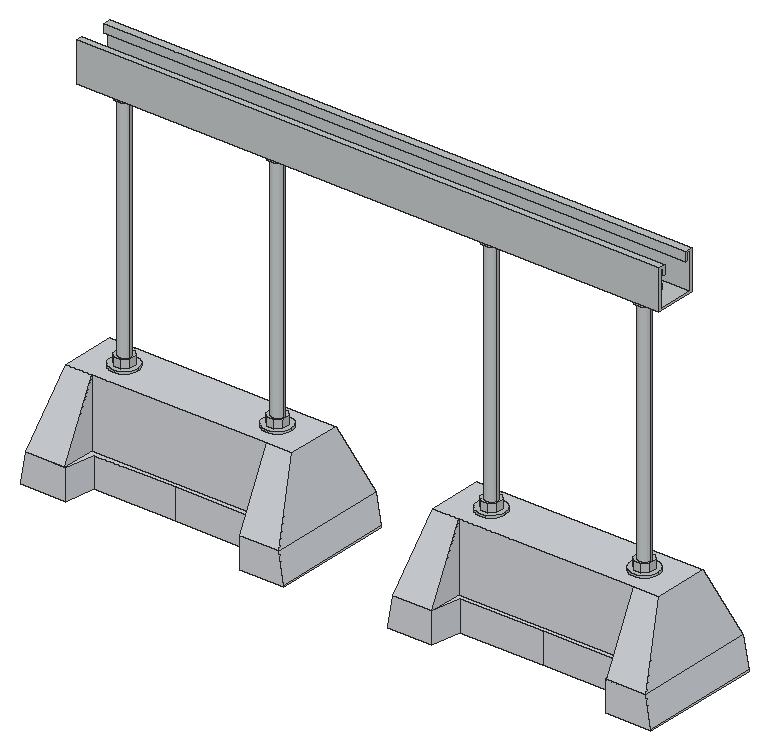
Revit family "pipe-support-770716", category Generic Models, Revit 2018
Family settings
  Can host rebar = No
  Round Connector Dimension = Use Diameter
  Part Type = Normal
  Work Plane-Based = No
  Always vertical = Yes
  Cut with Voids When Loaded = No
  Shared = No
  Room Calculation Point = No
Parameters (values of type "FNW770716 Pipe Support")
  Weight [instance] = ""
  URL = "http://www.fnw.com"
  URL_2 = ""
  TH1 = 0.078"  # constant formula
  Product ID [instance] = ""
  Part Number [instance] = "FNW770716"
  L2 = 24.000"
  L1 = 26.000"  # constant formula
  Description BOM [instance] = "Single Pipe Support"
Reference planes (in)
  plane 1 "Center (Front/Back)": y = 0
  plane 2: z = 0
  plane 3 "Center (Left/Right)": x = 0
  plane 4: z = 4.875
  plane 5: z = 4.062
  plane 6: z = 1.25
  plane 7: x = -13
  plane 8: x = 13
  plane 9: z = 4.147
  plane 10: z = 4.481
  plane 11: x = -4.40625
  plane 12: x = -10.71875
  plane 13: z = 16
  plane 14: z = 13.95568
  plane 15: z = 14.28992
  plane 16: z = 14.41356
  plane 17: z = 14.87145
  plane 18: z = 14.5372
  plane 19: x = 4.40625
  plane 20: x = 10.71875
  plane 21: x = -12
  plane 22: x = 12
  plane 23: z = 14.375
Forms (in)
  Extrusion 1, solid, material "Steel, Galvanized"
    sketch origin (-7.5625, 0, 0) x (1, 0, 0) y (0, 1, 0)
      loop
        circle (-3.15625, 0) r 0.25
      loop
        circle (3.15625, 0) r 0.25
    from 1.25 to 15.11339
  Extrusion 2, solid, material "Steel, Galvanized"
    sketch origin (-7.5625, 0, 13.53635) x (0, -1, 0) y (1, 0, 0)
      loop
        line (-0.35455, -3.00939) -> (-0.35455, -3.30311) -> (-0.14686, -3.5108) -> (0.14686, -3.5108) -> (0.35455, -3.30311) -> (0.35455, -3.00939) -> (0.14686, -2.8017) -> (-0.14686, -2.8017) -> (-0.35455, -3.00939)
      loop
        line (-0.35455, 3.00939) -> (-0.14686, 2.8017) -> (0.14686, 2.8017) -> (0.35455, 3.00939) -> (0.35455, 3.30311) -> (0.14686, 3.5108) -> (-0.14686, 3.5108) -> (-0.35455, 3.30311) -> (-0.35455, 3.00939)
    from -9.38935 to -9.05535
  Extrusion 3, solid, material "Steel, Galvanized"
    sketch origin (-7.5625, 0, 0) x (1, 0, 0) y (0, 1, 0)
      loop
        circle (-3.15625, 0) r 0.57213
      loop
        circle (3.15625, 0) r 0.57213
    from 4.062 to 4.147
  Extrusion 4, solid, material "Steel, Galvanized"
    sketch origin (-7.5625, 0, 11.125) x (0, 1, 0) y (0, 0, 1)
      loop
        line (0.84, 4.875) -> (0.52968, 4.875) -> (0.52968, 4.52266) -> (0.60768, 4.52266) -> (0.60768, 4.797) -> (0.762, 4.797) -> (0.762, 3.328) -> (-0.762, 3.328) -> (-0.762, 4.797) -> (-0.6394, 4.797) -> (-0.6394, 4.52266) -> (-0.5614, 4.52266) -> (-0.5614, 4.875) -> (-0.84, 4.875) -> (-0.84, 3.25) -> (0.84, 3.25) -> (0.84, 4.875)
    from -4.4375 to 19.5625
  Extrusion 5, solid, material "Steel, Galvanized"
    sketch origin (-7.5625, 0, 7.1875) x (1, 0, 0) y (0, 1, 0)
      loop
        line (-3.00939, 0.35455) -> (-3.30311, 0.35455) -> (-3.5108, 0.14686) -> (-3.5108, -0.14686) -> (-3.30311, -0.35455) -> (-3.00939, -0.35455) -> (-2.8017, -0.14686) -> (-2.8017, 0.14686) -> (-3.00939, 0.35455)
      loop
        line (3.00939, 0.35455) -> (2.8017, 0.14686) -> (2.8017, -0.14686) -> (3.00939, -0.35455) -> (3.30311, -0.35455) -> (3.5108, -0.14686) -> (3.5108, 0.14686) -> (3.30311, 0.35455) -> (3.00939, 0.35455)
    from 7.3497 to 7.683
  Extrusion 6, solid, material "Steel, Galvanized"
    sketch origin (-7.5625, 0, 7.1875) x (1, 0, 0) y (0, 1, 0)
      loop
        line (-3.00939, 0.35455) -> (-3.30311, 0.35455) -> (-3.5108, 0.14686) -> (-3.5108, -0.14686) -> (-3.30311, -0.35455) -> (-3.00939, -0.35455) -> (-2.8017, -0.14686) -> (-2.8017, 0.14686) -> (-3.00939, 0.35455)
      loop
        line (3.00939, 0.35455) -> (2.8017, 0.14686) -> (2.8017, -0.14686) -> (3.00939, -0.35455) -> (3.30311, -0.35455) -> (3.5108, -0.14686) -> (3.5108, 0.14686) -> (3.30311, 0.35455) -> (3.00939, 0.35455)
    from 6.76818 to 7.10242
  Extrusion 7, solid, material "Steel, Galvanized"
    sketch origin (-7.5625, 0, 7.1875) x (1, 0, 0) y (0, 1, 0)
      loop
        circle (-3.15625, 0) r 0.57213
      loop
        circle (3.15625, 0) r 0.57213
    from 7.10242 to 7.187
  Extrusion 8, solid, material "Steel, Galvanized"
    sketch origin (-7.5625, 0, 7.1875) x (1, 0, 0) y (0, 1, 0)
      loop
        circle (-3.15625, 0) r 0.57213
      loop
        circle (3.15625, 0) r 0.57213
    from 7.265 to 7.3497
  Extrusion 9, solid, material "Steel, Galvanized"
    sketch origin (7.5625, 0, 0) x (-1, 0, 0) y (0, -1, 0)
      loop
        circle (-3.15625, 0) r 0.25
      loop
        circle (3.15625, 0) r 0.25
    from 1.25 to 15.11339
  Extrusion 10, solid, material "Steel, Galvanized"
    sketch origin (7.5625, 0, 13.53635) x (0, 1, 0) y (-1, 0, 0)
      loop
        line (0.35455, -3.00939) -> (0.14686, -2.8017) -> (-0.14686, -2.8017) -> (-0.35455, -3.00939) -> (-0.35455, -3.30311) -> (-0.14686, -3.5108) -> (0.14686, -3.5108) -> (0.35455, -3.30311) -> (0.35455, -3.00939)
      loop
        line (0.35455, 3.00939) -> (0.35455, 3.30311) -> (0.14686, 3.5108) -> (-0.14686, 3.5108) -> (-0.35455, 3.30311) -> (-0.35455, 3.00939) -> (-0.14686, 2.8017) -> (0.14686, 2.8017) -> (0.35455, 3.00939)
    from -9.38935 to -9.05535
  Extrusion 11, solid, material "Steel, Galvanized"
    sketch origin (7.5625, 0, 0) x (-1, 0, 0) y (0, -1, 0)
      loop
        circle (-3.15625, 0) r 0.57213
      loop
        circle (3.15625, 0) r 0.57213
    from 4.062 to 4.147
  Extrusion 12, solid, material "Steel, Galvanized"
    sketch origin (7.5625, 0, 7.1875) x (-1, 0, 0) y (0, -1, 0)
      loop
        line (-3.00939, -0.35455) -> (-2.8017, -0.14686) -> (-2.8017, 0.14686) -> (-3.00939, 0.35455) -> (-3.30311, 0.35455) -> (-3.5108, 0.14686) -> (-3.5108, -0.14686) -> (-3.30311, -0.35455) -> (-3.00939, -0.35455)
      loop
        line (3.00939, -0.35455) -> (3.30311, -0.35455) -> (3.5108, -0.14686) -> (3.5108, 0.14686) -> (3.30311, 0.35455) -> (3.00939, 0.35455) -> (2.8017, 0.14686) -> (2.8017, -0.14686) -> (3.00939, -0.35455)
    from 7.3497 to 7.683
  Extrusion 13, solid, material "Steel, Galvanized"
    sketch origin (7.5625, 0, 7.1875) x (-1, 0, 0) y (0, -1, 0)
      loop
        line (-3.00939, -0.35455) -> (-2.8017, -0.14686) -> (-2.8017, 0.14686) -> (-3.00939, 0.35455) -> (-3.30311, 0.35455) -> (-3.5108, 0.14686) -> (-3.5108, -0.14686) -> (-3.30311, -0.35455) -> (-3.00939, -0.35455)
      loop
        line (3.00939, -0.35455) -> (3.30311, -0.35455) -> (3.5108, -0.14686) -> (3.5108, 0.14686) -> (3.30311, 0.35455) -> (3.00939, 0.35455) -> (2.8017, 0.14686) -> (2.8017, -0.14686) -> (3.00939, -0.35455)
    from 6.76818 to 7.10242
  Extrusion 14, solid, material "Steel, Galvanized"
    sketch origin (7.5625, 0, 7.1875) x (-1, 0, 0) y (0, -1, 0)
      loop
        circle (-3.15625, 0) r 0.57213
      loop
        circle (3.15625, 0) r 0.57213
    from 7.10242 to 7.187
  Extrusion 15, solid, material "Steel, Galvanized"
    sketch origin (7.5625, 0, 7.1875) x (-1, 0, 0) y (0, -1, 0)
      loop
        circle (-3.15625, 0) r 0.57213
      loop
        circle (3.15625, 0) r 0.57213
    from 7.265 to 7.3497
Dimensions and locks (in)
  plane 4 to plane 2 = 4.875"
  plane 4 to plane 5 = 0.813"
  equal spacing: plane 7, plane 3 "Center (Left/Right)", plane 8
  "L1": plane 7 to plane 8
  plane 2 to plane 13 = 16.000"
  "TH1": Extrusion 4 sketch curve to Extrusion 4 sketch curve  (x2)
  "L2": plane 21 to plane 22
  equal spacing: plane 21, plane 3 "Center (Left/Right)", plane 22
  Extrusion 4 sketch curve to plane 13 = 1.625"
  "TH1": Extrusion 4 sketch curve to plane 23
  aligned and locked: plane 2 to level
  aligned and locked: Extrusion 4 to plane 21
  aligned and locked: plane 22 to Extrusion 4
Automatic sketch dimensions
  plane 1 "Center (Front/Back)" to Extrusion 1 sketch curve = 0.000"  (x2)
  Extrusion 1 sketch curve to plane 12 = 0.000"
  Extrusion 1 sketch curve to plane 11 = 0.000"
  Extrusion 2 sketch curve to plane 12 = 0.14686"  (x2)
  Extrusion 2 sketch curve to plane 1 "Center (Front/Back)" = 0.35455"  (x2)
  plane 11 to Extrusion 2 sketch curve = 0.14686"  (x2)
  Extrusion 2 sketch curve to plane 1 "Center (Front/Back)" = 0.14686"  (x4)
  plane 1 "Center (Front/Back)" to Extrusion 2 sketch curve = 0.14686"  (x4)
  Extrusion 2 sketch curve to plane 11 = 0.14686"  (x2)
  Extrusion 2 sketch curve to Extrusion 2 sketch curve = 0.20769"  (x6)
  plane 12 to Extrusion 2 sketch curve = 0.14686"  (x2)
  plane 1 "Center (Front/Back)" to Extrusion 3 sketch curve = 0.000"  (x2)
  Extrusion 3 sketch curve to plane 12 = 0.000"
  Extrusion 3 sketch curve to plane 11 = 0.000"
  plane 1 "Center (Front/Back)" to Extrusion 5 sketch curve = 0.14686"  (x4)
  plane 12 to Extrusion 5 sketch curve = 0.35455"
  plane 12 to Extrusion 5 sketch curve = 0.14686"  (x2)
  Extrusion 5 sketch curve to plane 12 = 0.14686"  (x2)
  Extrusion 5 sketch curve to plane 1 "Center (Front/Back)" = 0.14686"  (x4)
  Extrusion 5 sketch curve to Extrusion 5 sketch curve = 0.20769"  (x6)
  Extrusion 5 sketch curve to plane 11 = 0.35455"
  Extrusion 5 sketch curve to plane 11 = 0.14686"  (x2)
  plane 11 to Extrusion 5 sketch curve = 0.14686"  (x2)
  plane 1 "Center (Front/Back)" to Extrusion 6 sketch curve = 0.14686"  (x4)
  plane 12 to Extrusion 6 sketch curve = 0.35455"
  plane 12 to Extrusion 6 sketch curve = 0.14686"  (x2)
  Extrusion 6 sketch curve to plane 12 = 0.14686"  (x2)
  Extrusion 6 sketch curve to plane 1 "Center (Front/Back)" = 0.14686"  (x4)
  Extrusion 6 sketch curve to Extrusion 6 sketch curve = 0.20769"  (x6)
  Extrusion 6 sketch curve to plane 11 = 0.35455"
  Extrusion 6 sketch curve to plane 11 = 0.14686"  (x2)
  plane 11 to Extrusion 6 sketch curve = 0.14686"  (x2)
  plane 1 "Center (Front/Back)" to Extrusion 7 sketch curve = 0.000"  (x2)
  Extrusion 7 sketch curve to plane 12 = 0.000"
  Extrusion 7 sketch curve to plane 11 = 0.000"
  plane 1 "Center (Front/Back)" to Extrusion 8 sketch curve = 0.000"  (x2)
  Extrusion 8 sketch curve to plane 12 = 0.000"
  Extrusion 8 sketch curve to plane 11 = 0.000"
  plane 1 "Center (Front/Back)" to Extrusion 9 sketch curve = 0.000"  (x2)
  Extrusion 9 sketch curve to plane 20 = 0.000"
  Extrusion 9 sketch curve to plane 19 = 0.000"
  plane 19 to Extrusion 10 sketch curve = 0.14686"  (x2)
  plane 1 "Center (Front/Back)" to Extrusion 10 sketch curve = 0.35455"  (x2)
  Extrusion 10 sketch curve to plane 20 = 0.14686"  (x2)
  plane 1 "Center (Front/Back)" to Extrusion 10 sketch curve = 0.14686"  (x4)
  Extrusion 10 sketch curve to plane 1 "Center (Front/Back)" = 0.14686"  (x4)
  Extrusion 10 sketch curve to Extrusion 10 sketch curve = 0.20769"  (x5)
  plane 20 to Extrusion 10 sketch curve = 0.14686"  (x2)
  Extrusion 10 sketch curve to plane 19 = 0.35455"
  Extrusion 10 sketch curve to plane 19 = 0.14686"  (x2)
  plane 1 "Center (Front/Back)" to Extrusion 11 sketch curve = 0.000"  (x2)
  Extrusion 11 sketch curve to plane 20 = 0.000"
  Extrusion 11 sketch curve to plane 19 = 0.000"
  plane 1 "Center (Front/Back)" to Extrusion 12 sketch curve = 0.14686"  (x4)
  plane 20 to Extrusion 12 sketch curve = 0.35455"
  plane 20 to Extrusion 12 sketch curve = 0.14686"  (x2)
  Extrusion 12 sketch curve to plane 20 = 0.14686"  (x2)
  Extrusion 12 sketch curve to plane 1 "Center (Front/Back)" = 0.14686"  (x4)
  Extrusion 12 sketch curve to Extrusion 12 sketch curve = 0.20769"  (x6)
  Extrusion 12 sketch curve to plane 19 = 0.35455"
  Extrusion 12 sketch curve to plane 19 = 0.14686"  (x2)
  plane 19 to Extrusion 12 sketch curve = 0.14686"  (x2)
  plane 1 "Center (Front/Back)" to Extrusion 13 sketch curve = 0.14686"  (x4)
  plane 20 to Extrusion 13 sketch curve = 0.35455"
  plane 20 to Extrusion 13 sketch curve = 0.14686"  (x2)
  Extrusion 13 sketch curve to plane 20 = 0.14686"  (x2)
  Extrusion 13 sketch curve to plane 1 "Center (Front/Back)" = 0.14686"  (x4)
  Extrusion 13 sketch curve to Extrusion 13 sketch curve = 0.20769"  (x6)
  Extrusion 13 sketch curve to plane 19 = 0.35455"
  Extrusion 13 sketch curve to plane 19 = 0.14686"  (x2)
  plane 19 to Extrusion 13 sketch curve = 0.14686"  (x2)
  plane 1 "Center (Front/Back)" to Extrusion 14 sketch curve = 0.000"  (x2)
  Extrusion 14 sketch curve to plane 20 = 0.000"
  Extrusion 14 sketch curve to plane 19 = 0.000"
  plane 1 "Center (Front/Back)" to Extrusion 15 sketch curve = 0.000"  (x2)
  Extrusion 15 sketch curve to plane 20 = 0.000"
  Extrusion 15 sketch curve to plane 19 = 0.000"
  Extrusion 4 sketch curve to plane 13 = 0.000"
  plane 13 to Extrusion 4 sketch curve = 0.000"
  plane 1 "Center (Front/Back)" to Extrusion 4 sketch curve = 0.840"
  Extrusion 4 sketch curve to Extrusion 4 sketch curve = 0.078"  (x2)
  Extrusion 4 sketch curve to Extrusion 4 sketch curve = 0.1226"
  Extrusion 4 sketch curve to plane 1 "Center (Front/Back)" = 0.52968"
  Extrusion 4 sketch curve to plane 1 "Center (Front/Back)" = 0.762"
  plane 13 to Extrusion 4 sketch curve = 0.35234"  (x2)
  plane 13 to Extrusion 4 sketch curve = 0.078"  (x2)
  radius of Extrusion 1 sketch curve = 0.250"  (x2)
  radius of Extrusion 3 sketch curve = 0.57213"  (x2)
  radius of Extrusion 7 sketch curve = 0.57213"  (x2)
  radius of Extrusion 8 sketch curve = 0.57213"  (x2)
  radius of Extrusion 9 sketch curve = 0.250"  (x2)
  radius of Extrusion 11 sketch curve = 0.57213"  (x2)
  radius of Extrusion 14 sketch curve = 0.57213"  (x2)
  radius of Extrusion 15 sketch curve = 0.57213"  (x2)
Nested families (in)
  nested 1: "Nested-pipe-support-7706 Base" at (-7.5625, 0, 0) x (-1, 0, 0) z (0, 0, 1), type "FNW7706SB Pipe Support"
    with Weight "", Product ID "", Part Number "", Description BOM ""
  nested 2: "Nested-pipe-support-7706 Base" at (7.5625, 0, 0), type "FNW7706SB Pipe Support"
    with Weight "", Product ID "", Part Number "", Description BOM ""
Definition of nested family "Nested-pipe-support-7706 Base"
  Parameters (values of type "FNW7706SB Pipe Support")
    Weight [instance] = ""
    URL = "http://www.fnw.com"
    URL_2 = ""
    TH1 = 0.078"  # constant formula
    Product ID [instance] = ""
    Part Number [instance] = "FNW7706SB"
    L9 = 5.188" + (1.012" * 2)  # 7.212"
    L8 = 2.250"  # constant formula
    L6 = 0.000"  # constant formula
    L5 = 0.317"  # constant formula
    L4 = 0.813"  # constant formula
    L3 = 4.875"  # constant formula
    L2 = 5.000"  # constant formula
    L11 = 9.3125"
    L10 = 2.886"  # constant formula
    L1 = 10.875"  # constant formula
    Description BOM [instance] = "Single Pipe Support Base Only"
  Reference planes (in)
    plane 1 "Center (Front/Back)": y = 0
    plane 2: z = 0
    plane 3 "Center (Left/Right)": x = 0
    plane 4: x = -5.4375
    plane 5: x = 5.4375
    plane 6: y = 2.5
    plane 7: y = -2.5
    plane 8: z = 4.875
    plane 9 "top": z = 4.062
    plane 10: y = 0.84
    plane 11: y = -0.84
    plane 12: y = 1.125
    plane 13: y = -1.125
    plane 14: x = -1.443
    plane 15: x = -3.606
    plane 16: x = 3.606
    plane 17: x = 1.443
    plane 18: z = 1.25
    plane 19: x = -1.5
    plane 20: x = 1.5
    plane 21: x = -3.6055
    plane 22: x = 3.6055
    plane 23: x = -4.65625
    plane 24: x = 4.65625
  Forms (in)
    Extrusion 1, solid
      sketch origin (0, 0, 0) x (0, 1, 0) y (0, 0, 1)
        loop
          line (1.125, 4.062) -> (-1.125, 4.062) -> (-2.5, 1.25) -> (2.5, 1.25) -> (1.125, 4.062)
      from 3.606 to 5.4375
    Extrusion 2, solid
      sketch origin (0, 0, 0) x (0, 1, 0) y (0, 0, -1)
        loop
          line (1.125, -4.062) -> (2.5, -1.25) -> (-2.5, -1.25) -> (-1.125, -4.062) -> (1.125, -4.062)
      from 3.606 to 5.4375
    Extrusion 3, solid
      sketch origin (0, 0, 0) x (0, 1, 0) y (0, 0, 1)
        loop
          line (1.125, 4.062) -> (-1.125, 4.062) -> (-1.125, 1.25) -> (1.125, 1.25) -> (1.125, 4.062)
      from -3.606 to 3.606
    Extrusion 4, solid
      sketch origin (0, 0, 0) x (1, 0, 0) y (0, 1, 0)
        loop
          line (-5.4375, 2.5) -> (-5.4375, -2.5) -> (-3.606, -2.5) -> (-3.39661, -1.3125) -> (0, -1.3125) -> (3.33911, -1.3125) -> (3.5485, -2.5) -> (5.4375, -2.5) -> (5.4375, 2.5) -> (3.5485, 2.5) -> (3.33911, 1.3125) -> (0, 1.3125) -> (-3.39661, 1.3125) -> (-3.606, 2.5) -> (-5.4375, 2.5)
      from 0 to 1.25
    Extrusion 5, void
      sketch origin (0, 0, 0) x (1, 0, 0) y (0, 0, 1)
        loop
          line (-5.81029, -1.875) -> (-4.65625, 4.062) -> (-9.27699, 4.062) -> (-9.27699, -1.875) -> (-5.81029, -1.875)
        loop
          line (4.65625, 4.062) -> (5.81029, -1.875) -> (9.27699, -1.875) -> (9.27699, 4.062) -> (4.65625, 4.062)
      from -2.5 to 2.5
  Cuts and joins
    Extrusion 5 cuts Extrusion 1
    Extrusion 5 cuts Extrusion 2
    joined: Extrusion 1, Extrusion 2, Extrusion 3
    Extrusion 5 cuts Extrusion 4
  Dimensions and locks (in)
    equal spacing: plane 4, plane 3 "Center (Left/Right)", plane 5
    "L1": plane 4 to plane 5
    equal spacing: plane 6, plane 1 "Center (Front/Back)", plane 7
    "L2": plane 6 to plane 7
    "L3": plane 8 to plane 2
    "L4": plane 8 to plane 9 "top"
    plane 10 to plane 11 = 1.680"
    equal spacing: plane 12, plane 1 "Center (Front/Back)", plane 13
    "L8": plane 12 to plane 13
    equal spacing: plane 15, plane 3 "Center (Left/Right)", plane 16
    "L9": plane 15 to plane 16
    equal spacing: plane 14, plane 3 "Center (Left/Right)", plane 17
    "L10": plane 14 to plane 17
    plane 19 to plane 20 = 3.000"
    equal spacing: plane 23, plane 3 "Center (Left/Right)", plane 24
    "L11": plane 23 to plane 24
    aligned and locked: plane 2 to level
  Automatic sketch dimensions
    Extrusion 2 sketch curve to plane 7 = 0.000"
    Extrusion 2 sketch curve to plane 9 "top" = 0.000"
    Extrusion 2 sketch curve to plane 13 = 0.000"
    Extrusion 2 sketch curve to plane 12 = 0.000"
    Extrusion 2 sketch curve to plane 6 = 0.000"
    level to Extrusion 2 sketch curve = 1.250"
    Extrusion 1 sketch curve to plane 7 = 0.000"
    Extrusion 1 sketch curve to plane 9 "top" = 0.000"
    Extrusion 1 sketch curve to plane 13 = 0.000"
    Extrusion 1 sketch curve to plane 12 = 0.000"
    Extrusion 1 sketch curve to plane 6 = 0.000"
    level to Extrusion 1 sketch curve = 1.250"
    Extrusion 3 sketch curve to plane 9 "top" = 0.000"
    Extrusion 3 sketch curve to plane 13 = 0.000"
    Extrusion 3 sketch curve to plane 12 = 0.000"
    level to Extrusion 3 sketch curve = 1.250"
    Extrusion 4 sketch curve to plane 4 = 0.000"
    Extrusion 4 sketch curve to plane 6 = 0.000"  (x2)
    plane 14 to Extrusion 4 sketch curve = 2.163"  (x2)
    Extrusion 4 sketch curve to plane 7 = 0.000"  (x2)
    Extrusion 4 sketch curve to plane 3 "Center (Left/Right)" = 0.000"  (x2)
    plane 13 to Extrusion 4 sketch curve = 0.1875"
    plane 17 to Extrusion 4 sketch curve = 2.1055"  (x2)
    Extrusion 4 sketch curve to plane 5 = 0.000"
    plane 14 to Extrusion 4 sketch curve = 1.95361"  (x2)
    plane 17 to Extrusion 4 sketch curve = 1.89611"  (x2)
    plane 12 to Extrusion 4 sketch curve = 0.1875"
    Extrusion 5 sketch curve to plane 9 "top" = 0.000"  (x2)
    plane 23 to Extrusion 5 sketch curve = 0.000"
    plane 24 to Extrusion 5 sketch curve = 0.000"
    plane 4 to Extrusion 5 sketch curve = 0.37279"
    Extrusion 5 sketch curve to Extrusion 5 sketch curve = 3.46671"  (x2)
    Extrusion 5 sketch curve to plane 5 = 0.37279"
    Extrusion 5 sketch curve to level = 1.875"  (x2)
